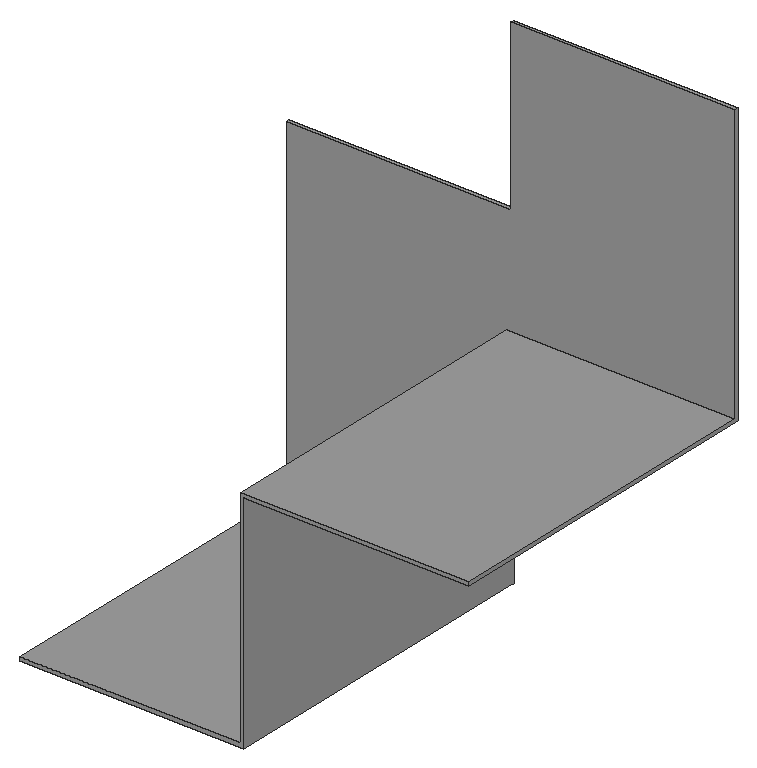
Revit family "Flashing_Preformed_Hyload_LevelChange", category Generic Models, Revit 2015
Parameters (values of type "4 inch")
  Upper Height = 0' - 5"
  Unit Width = 0' - 4"
  Unit Height = 0' - 4"
  Unit Depth = 0' - 6"
  URL = "http://www.hyload.com/"
  Thickness = 0' - 0 1/16"
  Specification = "http://www.arcat.com/sdspecs/htm04/07_65_00hyl.htm"
  Sales Information = "http://www.hyload.com/contact-us"
  Revision = "R1_12-2015"
  Product Properties = "http://www.hyload.com/masonry-flashing/preformed-shapes/"
  Product Data = "http://www.arcat.com/arcatcos/cos33/arc33176.html"
  Model = "4 in Level Change"
  Manufacturer Website = "http://www.hyload.com/"
  Manufacturer Phone - Toll Free = "800-457-4056"
  Manufacturer Phone = "330-769-3546"
  Manufacturer Fax = "330-769-4153"
  Manufacturer Address = "5020 Panther Pkwy., Seville, OH 44273"
  Manufacturer = "Hyload"
  Lower Height = 0' - 6"
  Keynote = "07 65 00"
  Flashing Material = Hyload Flashing Membrane - Grey
  Drawn By = "Robert S. Weygant / Sumex Design"
  Description = "Preformed Hyload Masonry Flashing - 4 in Level Change"
  Copyright = "(c) ARCAT, Inc, 2015"
  Construction Details = "http://www.arcat.com/details/hyload/hyload.html?coid=33176"
  Assembly Code = "B3010400"
Types (2): name | Upper Height | Unit Height | Model | Description
  3 inch | 0' - 6" | 0' - 3" | "3 in Level Change" | "Preformed Hyload Masonry Flashing - 3 in Level Change"
  4 inch | 0' - 5" | 0' - 4" | "4 in Level Change" | "Preformed Hyload Masonry Flashing - 4 in Level Change"
Reference planes (in)
  plane 1 "Center (Front/Back)": y = 0
  plane 2: z = 0
  plane 3 "Center (Left/Right)": x = 0
  plane 4: y = -6
  plane 5: x = 4
  plane 6: z = 4
  plane 7: x = -4
Forms (in)
  Extrusion 1, solid, material "Hyload Flashing Membrane - Grey" <- "Flashing Material"
    sketch origin (0, 0, 0) x (1, 0, 0) y (0, 0, 1)
      loop
        line (-4, 0) -> (0, 0) -> (0, 4) -> (4, 4) -> (4, 4.0625) -> (-0.0625, 4.0625) -> (-0.0625, 0.0625) -> (-4, 0.0625) -> (-4, 0)
    from 0 to 6
  Extrusion 2, solid, material "Hyload Flashing Membrane - Grey" <- "Flashing Material"
    sketch origin (0, 0, 0) x (1, 0, 0) y (0, 0, 1)
      loop
        line (4, 4) -> (4, 9) -> (0, 9) -> (0, 6) -> (-4, 6) -> (-4, 0) -> (0, 0) -> (0, 4) -> (4, 4)
    from 0 to 0.0625 <- "Thickness"
Cuts and joins
  joined: Extrusion 1, Extrusion 2
Dimensions and locks (in)
  "Unit Depth": plane 4 to plane 1 "Center (Front/Back)"
  "Unit Width": plane 3 "Center (Left/Right)" to plane 5
  "Unit Height": plane 6 to level
  "Thickness": Extrusion 1 sketch curve to plane 6
  "Thickness": Extrusion 1 sketch curve to level
  "Thickness": plane 3 "Center (Left/Right)" to Extrusion 1 sketch curve
  "Upper Height": Extrusion 2 sketch curve to plane 6
  "Lower Height": Extrusion 2 sketch curve to level
  "Unit Width": plane 7 to plane 3 "Center (Left/Right)"
  aligned and locked: plane 2 to level
  aligned and locked: Extrusion 1 sketch curve to level
  aligned and locked: Extrusion 1 sketch curve to plane 6
  aligned and locked: Extrusion 1 to plane 4
  aligned and locked: plane 5 to Extrusion 1 sketch curve
  aligned and locked: plane 3 "Center (Left/Right)" to Extrusion 1 sketch curve
  aligned and locked: plane 7 to Extrusion 1 sketch curve
  aligned and locked: plane 7 to Extrusion 2 sketch curve
  aligned and locked: plane 3 "Center (Left/Right)" to Extrusion 2 sketch curve  (x2)
  aligned and locked: Extrusion 2 sketch curve to plane 6
  aligned and locked: Extrusion 2 sketch curve to level
Automatic sketch dimensions
  Extrusion 2 sketch curve to plane 5 = 0' - 0"
